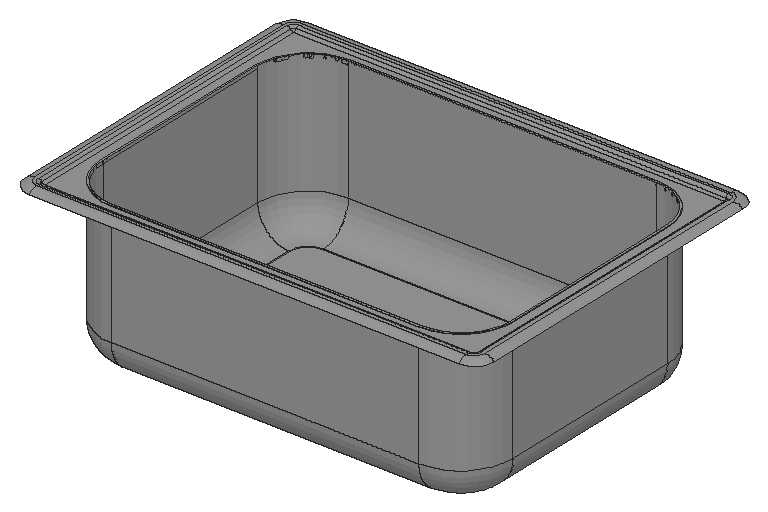
Revit family "MIT-45MSNB", category Generic Models, host Face, Revit 2013
Parameters
  Default Elevation = 1219.2 mm
Reference planes
  plane 1 "Center (Front/Back)": y = 0
  plane 2: z = 0
  plane 3 "Center (Left/Right)": x = 0
Forms (mm)
  Sweep 1, solid, material "Steel, Polished"
    path origin (0, 0, 0) x (1, 0, 0) y (0, 1, 0)
      loop
        arc (-289, 210) -> (-289.707, 209.707) -> (-290, 209) r 1
        line (-290, 209) -> (-290, -209)
        arc (-290, -209) -> (-289.707, -209.707) -> (-289, -210) r 1
        line (-289, -210) -> (289, -210)
        arc (289, -210) -> (289.707, -209.707) -> (290, -209) r 1
        line (290, -209) -> (290, 209)
        arc (290, 209) -> (289.707, 209.707) -> (289, 210) r 1
        line (289, 210) -> (-289, 210)
    profile origin (0, 210, 0) x (0, 1, 0) y (0, 0, 1)
      loop
        arc (25.095, 0) -> (19.429, 3.789) -> (12.72, 5) r 16.713
        line (12.72, 5) -> (7.72, 5)
        arc (7.72, 5) -> (5.375, 4.393) -> (3.617, 2.726) r 4.838
        arc (3.617, 2.726) -> (2.061, 1.028) -> (0, 0) r 6.319
        line (0, 0) -> (25.095, 0)
  Extrusion 2, void
    sketch origin (0, 0, 0) x (1, 0, 0) y (0, 1, 0)
      loop
        line (-305, 224) -> (-305, -224) -> (305, -224) -> (305, 224) -> (-305, 224)
    from -444.428 to 250
  Sweep 3, solid, material "Steel, Polished"
    path origin (0, 0, 0) x (1, 0, 0) y (0, 1, 0)
      loop
        arc (-277, -130) -> (-256.497, -179.497) -> (-207, -200) r 70
        line (-207, -200) -> (207, -200)
        arc (207, -200) -> (256.497, -179.497) -> (277, -130) r 70
        line (277, -130) -> (277, 130)
        arc (277, 130) -> (256.497, 179.497) -> (207, 200) r 70
        line (207, 200) -> (-207, 200)
        arc (-207, 200) -> (-256.497, 179.497) -> (-277, 130) r 70
        line (-277, 130) -> (-277, -130)
    profile origin (-277, 0, 0) x (-1, 0, 0) y (0, 0, 1)
      loop
        line (0, 0) -> (-2, 0) -> (-2, -165)
        arc (-2, -165) -> (-14.594, -195.406) -> (-45, -208) r 43
        line (-45, -208) -> (-45, -210)
        arc (-45, -210) -> (-13.18, -196.82) -> (0, -165) r 45
        line (0, -165) -> (0, 0)
  Extrusion 4, solid, material "Steel, Polished"
    sketch origin (0, 0, 0) x (1, 0, 0) y (0, 1, 0)
      loop
        line (-232, 130) -> (-232, -130)
        arc (-232, -130) -> (-224.678, -147.678) -> (-207, -155) r 25
        line (-207, -155) -> (207, -155)
        arc (207, -155) -> (224.678, -147.678) -> (232, -130) r 25
        line (232, -130) -> (232, 130)
        arc (232, 130) -> (224.678, 147.678) -> (207, 155) r 25
        line (207, 155) -> (-207, 155)
        arc (-207, 155) -> (-224.678, 147.678) -> (-232, 130) r 25
    from -208 to -210
  Extrusion 5, solid, material "Steel, Polished"
    sketch origin (0, 0, 0) x (1, 0, 0) y (0, 1, 0)
      loop
        arc (-290, -209) -> (-289.707, -209.707) -> (-289, -210) r 1
        line (-289, -210) -> (289, -210)
        arc (289, -210) -> (289.707, -209.707) -> (290, -209) r 1
        line (290, -209) -> (290, 209)
        arc (290, 209) -> (289.707, 209.707) -> (289, 210) r 1
        line (289, 210) -> (-289, 210)
        arc (-289, 210) -> (-289.707, 209.707) -> (-290, 209) r 1
        line (-290, 209) -> (-290, -209)
      loop
        line (-275, 130) -> (-275, -130)
        arc (-275, -130) -> (-255.083, -178.083) -> (-207, -198) r 68
        line (-207, -198) -> (207, -198)
        arc (207, -198) -> (255.083, -178.083) -> (275, -130) r 68
        line (275, -130) -> (275, 130)
        arc (275, 130) -> (255.083, 178.083) -> (207, 198) r 68
        line (207, 198) -> (-207, 198)
        arc (-207, 198) -> (-255.083, 178.083) -> (-275, 130) r 68
    from 0 to -4.172
  Extrusion 6, solid, material "Steel, Polished"
    sketch origin (0, 17.295, 0) x (1, 0, 0) y (0, 1, 0)
      loop
        circle (0, -17.295) r 35
      loop
        circle (0, -17.295) r 25
    from -207.24 to -210
  Extrusion 7, void
    sketch origin (0, 17.295, 0) x (1, 0, 0) y (0, 1, 0)
      loop
        line (-6.47, 6.853) -> (-1.294, -12.466)
        arc (-1.294, -12.466) -> (-0.653, -12.338) -> (0, -12.295) r 5
        line (0, -12.295) -> (0, 7.705)
        arc (0, 7.705) -> (-3.263, 7.491) -> (-6.47, 6.853) r 25
    from -91.216 to -445.062
  Extrusion 8, void
    sketch origin (8.648, 14.978, 0) x (0.866025, -0.5, 0) y (0.5, 0.866025, 0)
      loop
        line (-6.47, 6.853) -> (-1.294, -12.466)
        arc (-1.294, -12.466) -> (-0.653, -12.338) -> (0, -12.295) r 5
        line (0, -12.295) -> (0, 7.705)
        arc (0, 7.705) -> (-3.263, 7.491) -> (-6.47, 6.853) r 25
    from -91.216 to -445.062
  Extrusion 9, void
    sketch origin (-8.648, 14.978, 0) x (0.866025, 0.5, 0) y (-0.5, 0.866025, 0)
      loop
        line (-6.47, 6.853) -> (-1.294, -12.466)
        arc (-1.294, -12.466) -> (-0.653, -12.338) -> (0, -12.295) r 5
        line (0, -12.295) -> (0, 7.705)
        arc (0, 7.705) -> (-3.263, 7.491) -> (-6.47, 6.853) r 25
    from -91.216 to -445.062
  Extrusion 10, void
    sketch origin (-14.978, 8.648, 0) x (0.5, 0.866025, 0) y (-0.866025, 0.5, 0)
      loop
        line (-6.47, 6.853) -> (-1.294, -12.466)
        arc (-1.294, -12.466) -> (-0.653, -12.338) -> (0, -12.295) r 5
        line (0, -12.295) -> (0, 7.705)
        arc (0, 7.705) -> (-3.263, 7.491) -> (-6.47, 6.853) r 25
    from -91.216 to -445.062
  Extrusion 11, void
    sketch origin (-17.295, 0, 0) x (0, 1, 0) y (-1, 0, 0)
      loop
        line (-6.47, 6.853) -> (-1.294, -12.466)
        arc (-1.294, -12.466) -> (-0.653, -12.338) -> (0, -12.295) r 5
        line (0, -12.295) -> (0, 7.705)
        arc (0, 7.705) -> (-3.263, 7.491) -> (-6.47, 6.853) r 25
    from -91.216 to -445.062
  Extrusion 12, void
    sketch origin (-14.978, -8.648, 0) x (-0.5, 0.866025, 0) y (-0.866025, -0.5, 0)
      loop
        line (-6.47, 6.853) -> (-1.294, -12.466)
        arc (-1.294, -12.466) -> (-0.653, -12.338) -> (0, -12.295) r 5
        line (0, -12.295) -> (0, 7.705)
        arc (0, 7.705) -> (-3.263, 7.491) -> (-6.47, 6.853) r 25
    from -91.216 to -445.062
  Extrusion 13, void
    sketch origin (-8.648, -14.978, 0) x (-0.866025, 0.5, 0) y (-0.5, -0.866025, 0)
      loop
        line (-6.47, 6.853) -> (-1.294, -12.466)
        arc (-1.294, -12.466) -> (-0.653, -12.338) -> (0, -12.295) r 5
        line (0, -12.295) -> (0, 7.705)
        arc (0, 7.705) -> (-3.263, 7.491) -> (-6.47, 6.853) r 25
    from -91.216 to -445.062
  Extrusion 14, void
    sketch origin (0, -17.295, 0) x (-1, 0, 0) y (0, -1, 0)
      loop
        line (-6.47, 6.853) -> (-1.294, -12.466)
        arc (-1.294, -12.466) -> (-0.653, -12.338) -> (0, -12.295) r 5
        line (0, -12.295) -> (0, 7.705)
        arc (0, 7.705) -> (-3.263, 7.491) -> (-6.47, 6.853) r 25
    from -91.216 to -445.062
  Extrusion 15, void
    sketch origin (8.648, -14.978, 0) x (-0.866025, -0.5, 0) y (0.5, -0.866025, 0)
      loop
        line (-6.47, 6.853) -> (-1.294, -12.466)
        arc (-1.294, -12.466) -> (-0.653, -12.338) -> (0, -12.295) r 5
        line (0, -12.295) -> (0, 7.705)
        arc (0, 7.705) -> (-3.263, 7.491) -> (-6.47, 6.853) r 25
    from -91.216 to -445.062
  Extrusion 16, void
    sketch origin (14.978, -8.648, 0) x (-0.5, -0.866025, 0) y (0.866025, -0.5, 0)
      loop
        line (-6.47, 6.853) -> (-1.294, -12.466)
        arc (-1.294, -12.466) -> (-0.653, -12.338) -> (0, -12.295) r 5
        line (0, -12.295) -> (0, 7.705)
        arc (0, 7.705) -> (-3.263, 7.491) -> (-6.47, 6.853) r 25
    from -91.216 to -445.062
  Extrusion 17, void
    sketch origin (17.295, 0, 0) x (0, -1, 0) y (1, 0, 0)
      loop
        line (-6.47, 6.853) -> (-1.294, -12.466)
        arc (-1.294, -12.466) -> (-0.653, -12.338) -> (0, -12.295) r 5
        line (0, -12.295) -> (0, 7.705)
        arc (0, 7.705) -> (-3.263, 7.491) -> (-6.47, 6.853) r 25
    from -91.216 to -445.062
  Extrusion 18, void
    sketch origin (14.978, 8.648, 0) x (0.5, -0.866025, 0) y (0.866025, 0.5, 0)
      loop
        line (-6.47, 6.853) -> (-1.294, -12.466)
        arc (-1.294, -12.466) -> (-0.653, -12.338) -> (0, -12.295) r 5
        line (0, -12.295) -> (0, 7.705)
        arc (0, 7.705) -> (-3.263, 7.491) -> (-6.47, 6.853) r 25
    from -91.216 to -445.062
Cuts and joins
  Extrusion 7, Extrusion 8, Extrusion 9, Extrusion 10, Extrusion 11, Extrusion 12, Extrusion 13, Extrusion 14, Extrusion 15, Extrusion 16, Extrusion 17, Extrusion 18 cuts Extrusion 4
  Extrusion 8, Extrusion 9, Extrusion 10, Extrusion 11, Extrusion 12, Extrusion 13, Extrusion 14, Extrusion 15, Extrusion 16, Extrusion 17, Extrusion 18 cuts Extrusion 6
Lines and regions (mm)
  reference lines
    curve 1: line (0, 2097.409, 5) -> (0, -3902.591, 5)
    curve 2: line (-1599.2, 0, -2) -> (3900.8, 0, -2)
    curve 3: line (-1599.2, 0, 5) -> (3900.8, 0, 5)
    curve 4: line (-1599.2, 0, -210) -> (3900.8, 0, -210)
Dimensions and locks
  aligned and locked: plane 2 to host face
  aligned and locked: level to host face
